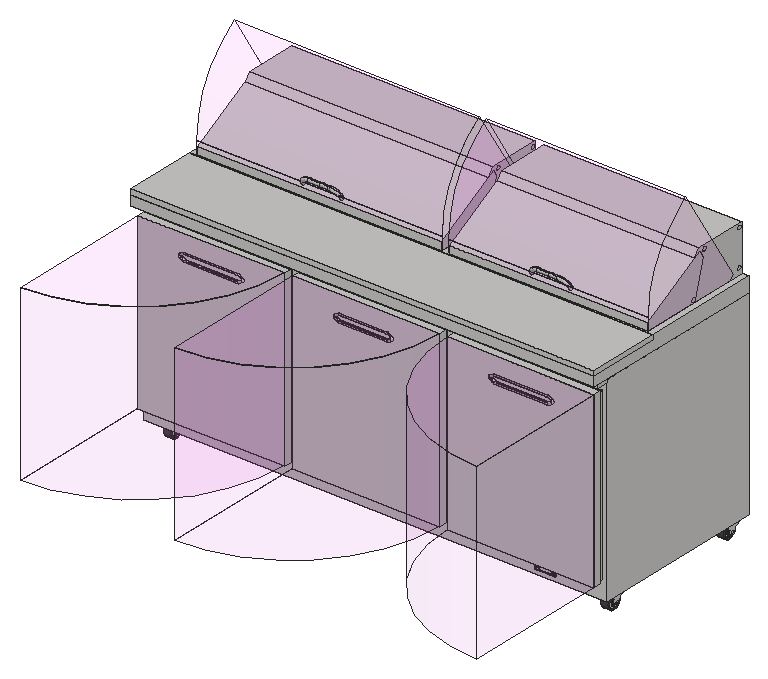
Revit family "QF_Kelvinator_738258_KCHST70.18", category Specialty Equipment, Revit 2021
Family settings
  Round Connector Dimension = Use Diameter
  Part Type = Normal
  Work Plane-Based = No
  Always vertical = Yes
  Cut with Voids When Loaded = No
  Shared = No
  Room Calculation Point = No
Parameters
  Weight in Pounds = 286.601
  Weight = 130.00 lbm
  Watts = 0 W
  Volts = 115 V
  URL Manufacturer = "KELVINATOR"
  URL Cutsheet = ""
  URL = "KELVINATOR"
  Specification by User = ""
  Specification by Manufacturer = ""
  Serial Number = ""
  Seismic Rating = ""
  SMACNA No = ""
  Revision Code = ""
  Refrigerant Type = "R290"
  Phase = 1
  Number of Poles = 1
  NAFEM Spec ID Number = ""
  Model = "KCHST70.18"
  Min Ckt Ampacity = 0 A
  Max Overcurrent Protection = 0 A
  Masterspec = ""
  Manufacturer = "Kelvinator"
  Length Actual = 1822"
  Length = 71 3/4"
  Item Number = "738258"
  Installed By = ""
  Identify Quantity as Lot = yes
  Height Actual = 1100"
  Height = 43 5/16"
  HP = "1 HP"
  Gas KW = 0
  Furnished By = ""
  Foodservice Equipment Identifier = yes
  FL Amps = 4.3 A
  Electrical Remarks = ""
  Electric Connection Type = ""
  Elec Conn RI Height = 0"
  Elec Conn Connection Height = 0"
  Description = "3-DOOR SANDWICH/SALAD PREP TABLE 70\" LONG 18-1/6 PAN"
  Depth Actual = 760"
  Depth = 29 15/16"
  Default Elevation = 0"
  Cycle = 60 Hz
  Conn Plug = "5-15P"
  Conn Conduit = yes
  CSI MasterFormat = ""
  Apparent Power = 0 VA
  Accessory = no
Reference planes (in)
  plane 1 "BACK": y = 0
  plane 2: z = 0
  plane 3 "LEFT": x = 0
  plane 4 "RIGHT": x = 71.75
  plane 5 "FRONT": y = -29.9375
  plane 6 "TOP": z = 43.3125
  plane 7 "Center Y": x = 35.875
  plane 8 "Center X": y = -14.96875
Dimensions and locks (in)
  equal spacing: plane 3 "LEFT", plane 7 "Center Y", plane 4 "RIGHT"
  "Length": plane 3 "LEFT" to plane 4 "RIGHT"
  equal spacing: plane 5 "FRONT", plane 8 "Center X", plane 1 "BACK"
  "Depth": plane 5 "FRONT" to plane 1 "BACK"
  "Height": plane 6 "TOP" to level
  aligned and locked: level to plane 2
Nested families (in)
  nested 1: "KCHST" at (0, 0, 0), type "KCHST"
    with Show Clearance yes
Connectors (in)
  electrical at (35.857, -0.87772, 2.31881), driven by "Volts", driven by "Watts"
    settings: on nested 1, index 1, voltage 115 V, apparent load 0 VA, apparent load phase1 0 VA, apparent load phase2 0 VA, apparent load phase3 0 VA, power factor 1, load classification "Power", number of poles 1, system type 30, power factor state 1, is connector primary yes, connector utility no, sub classification motor no, connector description "Electrical Connection"
Definition of nested family "KCHST"
  Parameters (values of type "KCHST")
    Weight in Pounds = 0
    URL Cutsheet = ""
    Specification by User = ""
    Specification by Manufacturer = ""
    Show Clearance [instance] = yes
    Serial Number = ""
    Seismic Rating = ""
    SMACNA No = ""
    Revision Code = ""
    NAFEM Spec ID Number = ""
    Masterspec = ""
    Length = 71.732"
    Item Number = ""
    Installed By = ""
    Identify Quantity as Lot = yes
    Height = 43 5/16"
    Furnished By = ""
    Foodservice Equipment Identifier = yes
    Depth = 29.921"
    Default Elevation = 0"
    CSI MasterFormat = ""
  Reference planes (in)
    plane 1 "BACK": y = 0
    plane 2: z = 0
    plane 3 "LEFT": x = 0
    plane 4 "RIGHT": x = 71.732
    plane 5 "FRONT": y = -29.921
    plane 6 "TOP": z = 43.3125
    plane 7 "Center Y": x = 35.866
    plane 8 "Center X": y = -14.9605
    plane 9: z = 3.1
    plane 10: z = 33.9
    plane 11: y = -18.5
    plane 12: z = 36.2
    plane 13: y = -55.93472
    plane 14: y = -29.2
    plane 15: z = 32.4
    plane 16: z = 5.6
    plane 17: y = -27.5
    plane 18: x = 69.732
    plane 19: x = 2
    plane 20: x = 59.87895
    plane 21: x = 38.8
    plane 22: x = 1
    plane 23: x = 0.5
    plane 24: x = 71.232
    plane 25: x = 11.87105
    plane 26: x = 35.87895
    plane 27: x = 70.75
    plane 28: x = 40.12
    plane 29: x = 70.68
    plane 30: x = 55.4
    plane 31: x = 40.05
    plane 32: x = 1.07
    plane 33: x = 38.73
    plane 34: x = 0.875
    plane 35: x = 38.925
    plane 36: x = 39.925
    plane 37: x = 70.875
  Forms (in)
    Extrusion 1, solid
      sketch origin (0, 0, 0) x (0, 1, 0) y (0, 0, 1)
        loop
          line (-27.5, 33.9) -> (-27.5, 3.1) -> (0, 3.1) -> (0, 33.9) -> (-27.5, 33.9)
      from 0 to 71.732
    Extrusion 2, solid
      sketch origin (0, 0, 0) x (0, 1, 0) y (0, 0, 1)
        loop
          line (-18.5, 36.2) -> (-18.5, 35.45) -> (-29.921, 35.45) -> (-29.921, 33.9) -> (0, 33.9) -> (0, 36.2) -> (-18.5, 36.2)
      from 0 to 71.732
    Extrusion 3, solid
      sketch origin (0, 0, 0) x (0, 1, 0) y (0, 0, 1)
        loop
          line (-29.921, 36.2) -> (-29.921, 35.45) -> (-18.5, 35.45) -> (-18.5, 36.2) -> (-29.921, 36.2)
      from 0 to 71.732
    Extrusion 4, solid
      sketch origin (0, 0, 0) x (0, 1, 0) y (0, 0, 1)
        loop
          line (-29.2, 33.9) -> (-29.2, 33.4) -> (-27.5, 33.4) -> (-27.5, 33.9) -> (-29.2, 33.9)
      from 0 to 71.732
    Extrusion 5, solid
      sketch origin (-5.72957, -27.5, -4.77927) x (-1, 0, 0) y (0, 0, 1)
        loop
          line (-66.49177, 9.70772) -> (-69.64138, 9.70772) -> (-69.64138, 8.52662) -> (-66.49177, 8.52662) -> (-66.49177, 9.70772)
        loop
          line (-66.57052, 9.63107) -> (-66.96422, 9.63107) -> (-66.96422, 9.31193) -> (-66.57052, 9.31193) -> (-66.57052, 9.63107)
        loop
          line (-66.57052, 9.27674) -> (-66.96422, 9.27674) -> (-66.96422, 8.9576) -> (-66.57052, 8.9576) -> (-66.57052, 9.27674)
        loop
          line (-66.57052, 8.92241) -> (-66.96422, 8.92241) -> (-66.96422, 8.60327) -> (-66.57052, 8.60327) -> (-66.57052, 8.92241)
        loop
          line (-69.56264, 9.63107) -> (-69.56264, 9.31193) -> (-69.16894, 9.31193) -> (-69.16894, 9.63107) -> (-69.56264, 9.63107)
        loop
          line (-69.56264, 9.27674) -> (-69.56264, 8.9576) -> (-69.16894, 8.9576) -> (-69.16894, 9.27674) -> (-69.56264, 9.27674)
        loop
          line (-69.56264, 8.92241) -> (-69.56264, 8.60327) -> (-69.16894, 8.60327) -> (-69.16894, 8.92241) -> (-69.56264, 8.92241)
        loop
          line (-67.0417, 9.63107) -> (-69.09146, 9.63107) -> (-69.09146, 8.60716) -> (-67.0417, 8.60716) -> (-67.0417, 9.63107)
      from 0.07874 to -0.04602
    Extrusion 6, solid
      sketch origin (-5.72957, -27.54602, -4.77927) x (1, 0, 0) y (0, 0, 1)
        loop
          line (69.16894, 9.63107) -> (69.16894, 9.31193) -> (69.56264, 9.31193) -> (69.56264, 9.63107) -> (69.16894, 9.63107)
        loop
          line (69.16894, 9.27674) -> (69.16894, 8.9576) -> (69.56264, 8.9576) -> (69.56264, 9.27674) -> (69.16894, 9.27674)
        loop
          line (69.16894, 8.92241) -> (69.16894, 8.60327) -> (69.56264, 8.60327) -> (69.56264, 8.92241) -> (69.16894, 8.92241)
        loop
          line (66.96422, 9.63107) -> (66.57052, 9.63107) -> (66.57052, 9.31193) -> (66.96422, 9.31193) -> (66.96422, 9.63107)
        loop
          line (66.96422, 9.27674) -> (66.57052, 9.27674) -> (66.57052, 8.9576) -> (66.96422, 8.9576) -> (66.96422, 9.27674)
        loop
          line (66.96422, 8.92241) -> (66.57052, 8.92241) -> (66.57052, 8.60327) -> (66.96422, 8.60327) -> (66.96422, 8.92241)
      from 0 to -0.07874
    Extrusion 7, solid
      sketch origin (-5.72957, -27.54602, -4.77927) x (1, 0, 0) y (0, 0, 1)
        loop
          line (67.0417, 9.63107) -> (67.0417, 8.60716) -> (69.09146, 8.60716) -> (69.09146, 9.63107) -> (67.0417, 9.63107)
      from 0 to -0.07874
    Extrusion 8, void
      sketch origin (-5.72957, -27.5, -4.77927) x (-1, 0, 0) y (0, 0, 1)
        loop
          line (-66.49177, 9.70772) -> (-69.64138, 9.70772) -> (-69.64138, 8.52662) -> (-66.49177, 8.52662) -> (-66.49177, 9.70772)
      from 0 to 0.07874
    Extrusion 9, solid
      sketch origin (-21.40625, -3.56521, 3.1) x (-1, 0, 0) y (0, 1, 0)
        loop
          circle (-57.26325, 2.68749) r 0.25
      from 0 to 0.78119
    Extrusion 10, solid
      sketch origin (35.866, 6.90541, 48) x (0, 1, 0) y (0, 0, -1)
        loop
          line (-36.10541, 15.6) -> (-34.95211, 15.6) -> (-34.95211, 42.4) -> (-36.10541, 42.4) -> (-36.10541, 15.6)
      from -12.625 to -35.366
    Extrusion 11, solid
      sketch origin (48.25, 0, 0) x (0, 1, 0) y (0, 0, -1)
        loop
          line (-28.04671, -32.20449) -> (-27.79671, -32.20449) -> (-27.79671, -5.81322) -> (-28.04671, -5.81322) -> (-28.04671, -32.20449)
      from -22.7579 to -0.5
    Extrusion 12, solid
      sketch origin (48.25, 0.25, 0) x (0, 1, 0) y (0, 0, -1)
        loop
          line (-28.04671, -32.20449) -> (-27.864, -32.20449) -> (-27.864, -5.81322) -> (-28.04671, -5.81322) -> (-28.04671, -32.20449)
      from -22.7579 to -0.5
    Extrusion 13, solid
      sketch origin (48.25, 0.4327, 0) x (0, 1, 0) y (0, 0, -1)
        loop
          line (-28.04671, -32.20449) -> (-27.9327, -32.20449) -> (-27.9327, -5.81322) -> (-28.04671, -5.81322) -> (-28.04671, -32.20449)
      from -22.7579 to -0.5
    Extrusion 14, void
      sketch origin (85.65318, -29.19996, 31.5181) x (0, 0, 1) y (1, 0, 0)
        loop
          line (-1.94791, -21.59923) -> (-2.28462, -21.06051)
          arc (-2.28462, -21.06051) -> (-2.38541, -21.00464) -> (-2.48621, -21.06051) r 0.11887
          line (-2.48621, -21.06051) -> (-2.82291, -21.59923) -> (-2.82291, -29.94923) -> (-2.48479, -30.49023)
          arc (-2.48479, -30.49023) -> (-2.38541, -30.54531) -> (-2.28604, -30.49023) r 0.11719
          line (-2.28604, -30.49023) -> (-1.94791, -29.94923) -> (-1.94791, -21.59923)
      from 0 to 0.31887
    Sweep 15, solid
      path origin (85.65318, -26.39996, 31.5181) x (0, 0, -1) y (1, 0, 0)
        loop
          line (2.82291, -29.94923) -> (2.82291, -21.59923) -> (2.48621, -21.06051)
          arc (2.48621, -21.06051) -> (2.38541, -21.00464) -> (2.28462, -21.06051) r 0.11887
          line (2.28462, -21.06051) -> (1.94791, -21.59923) -> (1.94791, -29.94923) -> (2.28604, -30.49023)
          arc (2.28604, -30.49023) -> (2.38541, -30.54531) -> (2.48479, -30.49023) r 0.11719
          line (2.48479, -30.49023) -> (2.82291, -29.94923)
      profile origin (59.87895, -26.39996, 28.69519) x (0, 0, 1) y (0, -1, 0)
        loop
          arc (0, 2.8) -> (-0.125, 2.85269) -> (-0.25, 2.8) r 0.17461
          line (-0.25, 2.8) -> (0, 2.8)
    Extrusion 16, solid
      sketch origin (35.866, 6.90541, 48) x (0, 1, 0) y (0, 0, 1)
        loop
          line (-36.10541, -15.6) -> (-36.10541, -42.4) -> (-34.95211, -42.4) -> (-34.95211, -15.6) -> (-36.10541, -15.6)
      from -12.625 to -35.375
    Extrusion 17, solid
      sketch origin (23.5, 0, 0) x (0, 1, 0) y (0, 0, 1)
        loop
          line (-28.04671, 32.20449) -> (-28.04671, 5.81322) -> (-27.79671, 5.81322) -> (-27.79671, 32.20449) -> (-28.04671, 32.20449)
      from -22.7579 to -0.5
    Extrusion 18, solid
      sketch origin (23.5, 0.25, 0) x (0, 1, 0) y (0, 0, 1)
        loop
          line (-28.04671, 32.20449) -> (-28.04671, 5.81322) -> (-27.864, 5.81322) -> (-27.864, 32.20449) -> (-28.04671, 32.20449)
      from -22.7579 to -0.5
    Extrusion 19, solid
      sketch origin (23.5, 0.4327, 0) x (0, 1, 0) y (0, 0, 1)
        loop
          line (-28.04671, 32.20449) -> (-28.04671, 5.81322) -> (-27.9327, 5.81322) -> (-27.9327, 32.20449) -> (-28.04671, 32.20449)
      from -22.7579 to -0.5
    Extrusion 20, void
      sketch origin (-13.90318, -29.19996, 31.5181) x (0, 0, 1) y (1, 0, 0)
        loop
          line (-1.94791, 21.59923) -> (-1.94791, 29.94923) -> (-2.28604, 30.49023)
          arc (-2.28604, 30.49023) -> (-2.38541, 30.54531) -> (-2.48479, 30.49023) r 0.11719
          line (-2.48479, 30.49023) -> (-2.82291, 29.94923) -> (-2.82291, 21.59923) -> (-2.48621, 21.06051)
          arc (-2.48621, 21.06051) -> (-2.38541, 21.00464) -> (-2.28462, 21.06051) r 0.11887
          line (-2.28462, 21.06051) -> (-1.94791, 21.59923)
      from 0 to 0.31887
    Sweep 21, solid
      path origin (-13.90318, -26.39996, 31.5181) x (0, 0, -1) y (1, 0, 0)
        loop
          line (2.82291, 29.94923) -> (2.48479, 30.49023)
          arc (2.48479, 30.49023) -> (2.38541, 30.54531) -> (2.28604, 30.49023) r 0.11719
          line (2.28604, 30.49023) -> (1.94791, 29.94923) -> (1.94791, 21.59923) -> (2.28462, 21.06051)
          arc (2.28462, 21.06051) -> (2.38541, 21.00464) -> (2.48621, 21.06051) r 0.11887
          line (2.48621, 21.06051) -> (2.82291, 21.59923) -> (2.82291, 29.94923)
      profile origin (11.87105, -26.39996, 28.69519) x (0, 0, -1) y (0, -1, 0)
        loop
          line (0, 2.8) -> (0.25, 2.8)
          arc (0.25, 2.8) -> (0.125, 2.85269) -> (0, 2.8) r 0.17461
    Extrusion 22, solid
      sketch origin (11.875, 6.90541, 48) x (0, 1, 0) y (0, 0, -1)
        loop
          line (-36.10541, 15.6) -> (-34.95211, 15.6) -> (-34.95211, 42.4) -> (-36.10541, 42.4) -> (-36.10541, 15.6)
      from -12.625 to -35.375
    Extrusion 23, solid
      sketch origin (24.25, 0, 0) x (0, 1, 0) y (0, 0, -1)
        loop
          line (-28.04671, -32.20449) -> (-27.79671, -32.20449) -> (-27.79671, -5.81322) -> (-28.04671, -5.81322) -> (-28.04671, -32.20449)
      from -22.7579 to -0.5
    Extrusion 24, solid
      sketch origin (24.25, 0.25, 0) x (0, 1, 0) y (0, 0, -1)
        loop
          line (-28.04671, -32.20449) -> (-27.864, -32.20449) -> (-27.864, -5.81322) -> (-28.04671, -5.81322) -> (-28.04671, -32.20449)
      from -22.7579 to -0.5
    Extrusion 25, solid
      sketch origin (24.25, 0.4327, 0) x (0, 1, 0) y (0, 0, -1)
        loop
          line (-28.04671, -32.20449) -> (-27.9327, -32.20449) -> (-27.9327, -5.81322) -> (-28.04671, -5.81322) -> (-28.04671, -32.20449)
      from -22.7579 to -0.5
    Extrusion 26, void
      sketch origin (61.65318, -29.19996, 31.5181) x (0, 0, 1) y (1, 0, 0)
        loop
          line (-1.94791, -22.47423) -> (-2.28462, -21.93551)
          arc (-2.28462, -21.93551) -> (-2.38541, -21.87964) -> (-2.48621, -21.93551) r 0.11887
          line (-2.48621, -21.93551) -> (-2.82291, -22.47423) -> (-2.82291, -29.95823) -> (-2.48479, -30.49923)
          arc (-2.48479, -30.49923) -> (-2.38541, -30.55431) -> (-2.28604, -30.49923) r 0.11719
          line (-2.28604, -30.49923) -> (-1.94791, -29.95823) -> (-1.94791, -22.47423)
      from 0 to 0.31887
    Sweep 27, solid
      path origin (61.65318, -26.39996, 31.5181) x (0, 0, -1) y (1, 0, 0)
        loop
          line (2.82291, -29.95823) -> (2.82291, -22.47423) -> (2.48621, -21.93551)
          arc (2.48621, -21.93551) -> (2.38541, -21.87964) -> (2.28462, -21.93551) r 0.11887
          line (2.28462, -21.93551) -> (1.94791, -22.47423) -> (1.94791, -29.95823) -> (2.28604, -30.49923)
          arc (2.28604, -30.49923) -> (2.38541, -30.55431) -> (2.48479, -30.49923) r 0.11719
          line (2.48479, -30.49923) -> (2.82291, -29.95823)
      profile origin (35.43695, -26.39996, 28.69519) x (0, 0, 1) y (0, -1, 0)
        loop
          arc (0, 2.8) -> (-0.125, 2.85269) -> (-0.25, 2.8) r 0.17461
          line (-0.25, 2.8) -> (0, 2.8)
    Extrusion 28, solid
      sketch origin (31.075, 0, 0) x (0, 1, 0) y (0, 0, 1)
        loop
          line (-18.25, 36.2) -> (-9.64835, 36.2003)
          arc (-9.64835, 36.2003) -> (-9.30801, 36.30019) -> (-9.06407, 36.55768) r 0.68096
          line (-9.06407, 36.55768) -> (-7.6646, 41.90557) -> (-8.09711, 42.719) -> (-18.25, 37.32061) -> (-18.25, 36.2)
      from 8.975 to 39.675
    Extrusion 29, solid
      sketch origin (31.075, 0, 0) x (0, 1, 0) y (0, 0, 1)
        loop
          line (-9.64834, 36.2) -> (0, 36.2) -> (0, 43.3125) -> (-8.24175, 43.3125) -> (-8.9896, 42.24445) -> (-8.09711, 42.719) -> (-7.6646, 41.90557) -> (-9.06407, 36.55768)
          arc (-9.06407, 36.55768) -> (-9.30801, 36.30019) -> (-9.64834, 36.2) r 0.68096
      from 9.045 to 39.605
    Extrusion 30, solid
      sketch origin (70.75, 0, 0) x (0, 1, 0) y (0, 0, 1)
        loop
          circle (-9.51178, 36.72547) r 0.25
      from 0 to 0.07437
    Extrusion 31, solid
      sketch origin (70.68, -0.03482, 0) x (0, 1, 0) y (0, 0, 1)
        loop
          circle (-0.51178, 37.22547) r 0.25
      from 0 to 0.07
    Extrusion 32, solid
      sketch origin (70.68, -0.03482, 0) x (0, 1, 0) y (0, 0, 1)
        loop
          circle (-0.51178, 42.85047) r 0.25
      from 0 to 0.07
    Extrusion 33, solid
      sketch origin (70.68, -0.03482, 0) x (0, 1, 0) y (0, 0, 1)
        loop
          circle (-7.26178, 42.85047) r 0.25
      from 0 to 0.07
    Extrusion 34, solid
      sketch origin (40.05, 0, 0) x (0, -1, 0) y (0, 0, 1)
        loop
          circle (9.51178, 36.72547) r 0.25
      from 0 to 0.07437
    Extrusion 35, solid
      sketch origin (40.12, 0, 0) x (0, -1, 0) y (0, 0, 1)
        loop
          circle (0.5466, 37.22547) r 0.25
      from 0 to 0.07
    Extrusion 36, solid
      sketch origin (40.12, 0, 0) x (0, -1, 0) y (0, 0, 1)
        loop
          circle (0.5466, 42.85047) r 0.25
      from 0 to 0.07
    Extrusion 37, solid
      sketch origin (40.12, 0, 0) x (0, -1, 0) y (0, 0, 1)
        loop
          circle (7.2966, 42.85047) r 0.25
      from 0 to 0.07
    Sweep 38, solid
      path origin (15.975, 15.38088, 12.95025) x (1, 0, 0) y (0, -0.469472, 0.882948)
        loop
          line (37.1125, 37.02813) -> (37.1125, 37.18438)
          arc (37.1125, 37.18438) -> (37.33217, 37.71471) -> (37.8625, 37.93438) r 0.75
          line (37.8625, 37.93438) -> (39.7375, 37.93438) -> (40.9875, 37.93438)
          arc (40.9875, 37.93438) -> (41.51783, 37.71471) -> (41.7375, 37.18438) r 0.75
          line (41.7375, 37.18438) -> (41.7375, 37.02813)
      profile origin (56.3375, -2.42823, 46.44432) x (0, -0.469472, 0.882948) y (0, -0.882948, -0.469472)
        loop
          circle (0.69146, 17.59878) r 0.25
    Extrusion 39, solid
      sketch origin (-0.875, 0, 0) x (0, 1, 0) y (0, 0, 1)
        loop
          line (-18.25, 36.2) -> (-9.64835, 36.2003)
          arc (-9.64835, 36.2003) -> (-9.30801, 36.30019) -> (-9.06407, 36.55768) r 0.68096
          line (-9.06407, 36.55768) -> (-7.6646, 41.90557) -> (-8.09711, 42.719) -> (-18.25, 37.32061) -> (-18.25, 36.2)
      from 1.875 to 39.675
    Extrusion 40, solid
      sketch origin (-0.875, 0, 0) x (0, 1, 0) y (0, 0, 1)
        loop
          line (-9.64834, 36.2) -> (0, 36.2) -> (0, 43.3125) -> (-8.24175, 43.3125) -> (-8.9896, 42.24445) -> (-8.09711, 42.719) -> (-7.6646, 41.90557) -> (-9.06407, 36.55768)
          arc (-9.06407, 36.55768) -> (-9.30801, 36.30019) -> (-9.64834, 36.2) r 0.68096
      from 1.945 to 39.605
    Extrusion 41, solid
      sketch origin (38.8, 0, 0) x (0, 1, 0) y (0, 0, 1)
        loop
          circle (-9.51178, 36.72547) r 0.25
      from 0 to 0.07437
    Extrusion 42, solid
      sketch origin (38.73, -0.03482, 0) x (0, 1, 0) y (0, 0, 1)
        loop
          circle (-0.51178, 37.22547) r 0.25
      from 0 to 0.07
    Extrusion 43, solid
      sketch origin (38.73, -0.03482, 0) x (0, 1, 0) y (0, 0, 1)
        loop
          circle (-0.51178, 42.85047) r 0.25
      from 0 to 0.07
    Extrusion 44, solid
      sketch origin (38.73, -0.03482, 0) x (0, 1, 0) y (0, 0, 1)
        loop
          circle (-7.26178, 42.85047) r 0.25
      from 0 to 0.07
    Extrusion 45, solid
      sketch origin (1, 0, 0) x (0, -1, 0) y (0, 0, 1)
        loop
          circle (9.51178, 36.72547) r 0.25
      from 0 to 0.07437
    Extrusion 46, solid
      sketch origin (1.07, 0, 0) x (0, -1, 0) y (0, 0, 1)
        loop
          circle (0.5466, 37.22547) r 0.25
      from 0 to 0.07
    Extrusion 47, solid
      sketch origin (1.07, 0, 0) x (0, -1, 0) y (0, 0, 1)
        loop
          circle (0.5466, 42.85047) r 0.25
      from 0 to 0.07
    Extrusion 48, solid
      sketch origin (1.07, 0, 0) x (0, -1, 0) y (0, 0, 1)
        loop
          circle (7.2966, 42.85047) r 0.25
      from 0 to 0.07
    Sweep 49, solid
      path origin (-15.975, 15.38088, 12.95025) x (1, 0, 0) y (0, -0.469472, 0.882948)
        loop
          line (33.5625, 37.02813) -> (33.5625, 37.18438)
          arc (33.5625, 37.18438) -> (33.78217, 37.71471) -> (34.3125, 37.93438) r 0.75
          line (34.3125, 37.93438) -> (36.1875, 37.93438) -> (37.4375, 37.93438)
          arc (37.4375, 37.93438) -> (37.96783, 37.71471) -> (38.1875, 37.18438) r 0.75
          line (38.1875, 37.18438) -> (38.1875, 37.02813)
      profile origin (20.8375, -2.42823, 46.44432) x (0, -0.469472, 0.882948) y (0, -0.882948, -0.469472)
        loop
          circle (0.69146, 17.59878) r 0.25
    Extrusion 50, solid
      sketch origin (1, -0.00825, 0) x (0, 1, 0) y (0, 0, -1)
        loop
          circle (-9.50353, -36.72547) r 0.25
      from 0 to 0.07437
    Extrusion 51, solid
      sketch origin (1.07, -0.03482, 0) x (0, 1, 0) y (0, 0, -1)
        loop
          circle (-0.51178, -37.22547) r 0.25
      from 0 to 0.07
    Extrusion 52, solid
      sketch origin (1.07, -0.03482, 0) x (0, 1, 0) y (0, 0, -1)
        loop
          circle (-0.51178, -42.85047) r 0.25
      from 0 to 0.07
    Extrusion 53, solid
      sketch origin (1.07, -0.03482, 0) x (0, 1, 0) y (0, 0, -1)
        loop
          circle (-7.26178, -42.85047) r 0.25
      from 0 to 0.07
    Extrusion 54, solid, visible <- "Show Clearance"
      sketch origin (0, 9.61225, 5.6) x (1, 0, 0) y (0, -1, 0)
        loop
          arc (23.25, 38.81225) -> (16.58668, 54.89893) -> (0.5, 61.56225) r 22.75
          line (0.5, 61.56225) -> (0.5, 38.81225) -> (23.25, 38.81225)
        loop
          line (48.5079, 38.81225) -> (71.2399, 38.81225) -> (71.2399, 61.54425)
          arc (71.2399, 61.54425) -> (55.16595, 54.8862) -> (48.5079, 38.81225) r 22.732
        loop
          arc (47.25, 38.81225) -> (40.58668, 54.89893) -> (24.5, 61.56225) r 22.75
          line (24.5, 61.56225) -> (24.5, 38.81225) -> (47.25, 38.81225)
      from 0 to -26.8
    Extrusion 55, solid, visible <- "Show Clearance"
      sketch origin (1, 0, 0) x (0, -1, 0) y (0, 0, 1)
        loop
          line (2.42198, 36.2) -> (18.25, 36.2) -> (18.25, 38.08871)
          arc (18.25, 38.08871) -> (16.30726, 45.77958) -> (10.94515, 51.62523) r 16.19461
          line (10.94515, 51.62523) -> (1.74821, 36.8283) -> (2.42198, 36.2)
      from 0.125 to -37.925
    Extrusion 56, solid, visible <- "Show Clearance"
      sketch origin (40.05, 0, 0) x (0, -1, 0) y (0, 0, 1)
        loop
          line (2.42198, 36.2) -> (18.25, 36.2) -> (18.25, 38.08871)
          arc (18.25, 38.08871) -> (16.30726, 45.77958) -> (10.94515, 51.62523) r 16.19461
          line (10.94515, 51.62523) -> (1.74821, 36.8283) -> (2.42198, 36.2)
      from 0.125 to -30.825
  Cuts and joins
    Extrusion 8 cuts Extrusion 5
    Extrusion 14, Extrusion 20, Extrusion 26 cuts Extrusion 10
    Extrusion 20 cuts Extrusion 16
    Extrusion 26 cuts Extrusion 22
    joined: Extrusion 28, Sweep 38
  Lines and regions (in)
    symbolic lines
      curve 1: line (71.75, -29.9375, 0) -> (71.75, 0, 0)
      curve 2: line (71.75, 0, 0) -> (0, 0, 0)
      curve 3: line (0, 0, 0) -> (0, -29.9375, 0)
      curve 4: line (0, -18.5, 0) -> (17.81957, -18.5, 0)
      curve 5: line (0, -29.9375, 0) -> (71.75, -29.9375, 0)
      curve 6: line (0, -18.25, 0) -> (17.0896, -18.25, 0)
      curve 7: line (1.07, -8.99785, 0) -> (38.73, -8.99785, 0)
      curve 8: line (1.07, -8.25, 0) -> (38.73, -8.25, 0)
      curve 9: line (38.73, -8.99785, 0) -> (38.73, 0, 0)
      curve 10: line (38.8, -9.26178, 0) -> (38.87437, -9.26178, 0)
      curve 11: line (38.8, -9.76178, 0) -> (38.87437, -9.76178, 0)
      curve 12: line (38.8, -7.67285, 0) -> (38.73, -7.67285, 0)
      curve 13: line (38.8, -8.10536, 0) -> (38.73, -8.10536, 0)
      curve 14: line (38.8, -7.51178, 0) -> (38.73, -7.51178, 0)
      curve 15: line (38.8, -7.01178, 0) -> (38.73, -7.01178, 0)
      curve 16: line (38.8, -0.76178, 0) -> (38.73, -0.76178, 0)
      curve 17: line (38.8, -0.26178, 0) -> (38.73, -0.26178, 0)
      curve 18: spline (16.65229, -17.62226, 0) -> (16.66081, -17.56513, 0) -> (16.68578, -17.51189, 0) -> (16.72551, -17.46617, 0) -> (16.77729, -17.43109, 0) -> (16.83759, -17.40904, 0) -> (16.90229, -17.40152, 0) -> (16.967, -17.40904, 0) -> (17.02729, -17.43109, 0) -> (17.07907, -17.46617, 0) -> (17.1188, -17.51189, 0) -> (17.14377, -17.56513, 0) -> (17.15229, -17.62226, 0)
      curve 19: spline (22.66021, -17.62226, 0) -> (22.66873, -17.56513, 0) -> (22.6937, -17.51189, 0) -> (22.73343, -17.46617, 0) -> (22.78521, -17.43109, 0) -> (22.8455, -17.40904, 0) -> (22.91021, -17.40152, 0) -> (22.97491, -17.40904, 0) -> (23.03521, -17.43109, 0) -> (23.08699, -17.46617, 0) -> (23.12672, -17.51189, 0) -> (23.15169, -17.56513, 0) -> (23.16021, -17.62226, 0)
      curve 20: line (19.90625, -18.0415, 0) -> (21.5246, -18.0415, 0)
      curve 21: line (19.90625, -18.53489, 0) -> (21.65625, -18.53489, 0)
      curve 22: line (23.16021, -17.62226, 0) -> (23.16021, -17.65335, 0)
      curve 23: line (22.66021, -17.62226, 0) -> (22.66021, -17.65335, 0)
      curve 24: arc (22.66021, -17.65335, 0) -> (22.42671, -17.84879, 0) -> (22.14071, -17.95329, 0) r 0.88295
      curve 25: arc (23.16021, -17.65335, 0) -> (23.10291, -17.868, 0) -> (22.97532, -18.04986, 0) r 0.63628
      curve 26: arc (22.14071, -17.95329, 0) -> (21.83579, -18.01934, 0) -> (21.5246, -18.0415, 0) r 2.19561
      curve 27: arc (22.97532, -18.04986, 0) -> (22.72439, -18.24907, 0) -> (22.43535, -18.38727, 0) r 1.4269
      curve 28: arc (22.43535, -18.38727, 0) -> (22.05121, -18.48961, 0) -> (21.65625, -18.53489, 0) r 2.72085
      curve 29: line (19.90625, -18.0415, 0) -> (18.2879, -18.0415, 0)
      curve 30: line (19.90625, -18.53489, 0) -> (18.15625, -18.53489, 0)
      curve 31: line (16.65229, -17.62226, 0) -> (16.65229, -17.65335, 0)
      curve 32: line (17.15229, -17.62226, 0) -> (17.15229, -17.65335, 0)
      curve 33: arc (17.15229, -17.65335, 0) -> (17.38579, -17.84879, 0) -> (17.67179, -17.95329, 0) r 0.88295
      curve 34: arc (16.65229, -17.65335, 0) -> (16.70959, -17.868, 0) -> (16.83718, -18.04986, 0) r 0.63628
      curve 35: arc (17.67179, -17.95329, 0) -> (17.97671, -18.01934, 0) -> (18.2879, -18.0415, 0) r 2.19561
      curve 36: arc (16.83718, -18.04986, 0) -> (17.08811, -18.24907, 0) -> (17.37715, -18.38727, 0) r 1.4269
      curve 37: arc (17.37715, -18.38727, 0) -> (17.76129, -18.48961, 0) -> (18.15625, -18.53489, 0) r 2.72085
      curve 38: line (22.7229, -18.25, 0) -> (52.58335, -18.25, 0)
      curve 39: line (21.99293, -18.5, 0) -> (53.31332, -18.5, 0)
      curve 40: line (38.8, -7.01178, 0) -> (38.8, -7.51178, 0)
      curve 41: line (38.8, -7.67285, 0) -> (38.8, -18.25, 0)
      curve 42: line (38.87437, -9.26178, 0) -> (38.87437, -9.76178, 0)
      curve 43: line (38.8, -0.76178, 0) -> (38.8, -0.26178, 0)
      curve 44: line (1.07, -8.99785, 0) -> (1.07, 0, 0)
      curve 45: line (1, -9.26178, 0) -> (0.92563, -9.26178, 0)
      curve 46: line (1, -9.76178, 0) -> (0.92563, -9.76178, 0)
      curve 47: line (1, -7.67285, 0) -> (1.07, -7.67285, 0)
      curve 48: line (1, -8.10536, 0) -> (1.07, -8.10536, 0)
      curve 49: line (1, -7.5466, 0) -> (1.07, -7.5466, 0)
      curve 50: line (1, -7.01178, 0) -> (1.07, -7.01178, 0)
      curve 51: line (1, -0.7966, 0) -> (1.07, -0.7966, 0)
      curve 52: line (1, -0.26178, 0) -> (1.07, -0.26178, 0)
      curve 53: line (1, -7.0466, 0) -> (1, -7.5466, 0)
      curve 54: line (1, -7.67285, 0) -> (1, -18.25, 0)
      curve 55: line (0.92563, -9.26178, 0) -> (0.92563, -9.76178, 0)
      curve 56: line (1, -0.76178, 0) -> (1, -0.26178, 0)
      curve 57: spline (52.14604, -17.62226, 0) -> (52.15456, -17.56513, 0) -> (52.17953, -17.51189, 0) -> (52.21926, -17.46617, 0) -> (52.27104, -17.43109, 0) -> (52.33134, -17.40904, 0) -> (52.39604, -17.40152, 0) -> (52.46075, -17.40904, 0) -> (52.52104, -17.43109, 0) -> (52.57282, -17.46617, 0) -> (52.61255, -17.51189, 0) -> (52.63752, -17.56513, 0) -> (52.64604, -17.62226, 0)
      curve 58: spline (58.15396, -17.62226, 0) -> (58.16248, -17.56513, 0) -> (58.18745, -17.51189, 0) -> (58.22718, -17.46617, 0) -> (58.27896, -17.43109, 0) -> (58.33925, -17.40904, 0) -> (58.40396, -17.40152, 0) -> (58.46866, -17.40904, 0) -> (58.52896, -17.43109, 0) -> (58.58074, -17.46617, 0) -> (58.62047, -17.51189, 0) -> (58.64544, -17.56513, 0) -> (58.65396, -17.62226, 0)
      curve 59: line (55.4, -18.0415, 0) -> (57.01835, -18.0415, 0)
      curve 60: line (55.4, -18.53489, 0) -> (57.15, -18.53489, 0)
      curve 61: line (58.65396, -17.62226, 0) -> (58.65396, -17.65335, 0)
      curve 62: line (58.15396, -17.62226, 0) -> (58.15396, -17.65335, 0)
      curve 63: arc (58.15396, -17.65335, 0) -> (57.92046, -17.84879, 0) -> (57.63446, -17.95329, 0) r 0.88295
      curve 64: arc (58.65396, -17.65335, 0) -> (58.59666, -17.868, 0) -> (58.46907, -18.04986, 0) r 0.63628
      curve 65: arc (57.63446, -17.95329, 0) -> (57.32954, -18.01934, 0) -> (57.01835, -18.0415, 0) r 2.19561
      curve 66: arc (58.46907, -18.04986, 0) -> (58.21814, -18.24907, 0) -> (57.9291, -18.38727, 0) r 1.4269
      curve 67: arc (57.9291, -18.38727, 0) -> (57.54496, -18.48961, 0) -> (57.15, -18.53489, 0) r 2.72085
      curve 68: line (55.4, -18.0415, 0) -> (53.78165, -18.0415, 0)
      curve 69: line (55.4, -18.53489, 0) -> (53.65, -18.53489, 0)
      curve 70: line (52.14604, -17.62226, 0) -> (52.14604, -17.65335, 0)
      curve 71: line (52.64604, -17.62226, 0) -> (52.64604, -17.65335, 0)
      curve 72: arc (52.64604, -17.65335, 0) -> (52.87954, -17.84879, 0) -> (53.16554, -17.95329, 0) r 0.88295
      curve 73: arc (52.14604, -17.65335, 0) -> (52.20334, -17.868, 0) -> (52.33093, -18.04986, 0) r 0.63628
      curve 74: arc (53.16554, -17.95329, 0) -> (53.47046, -18.01934, 0) -> (53.78165, -18.0415, 0) r 2.19561
      curve 75: arc (52.33093, -18.04986, 0) -> (52.58186, -18.24907, 0) -> (52.8709, -18.38727, 0) r 1.4269
      curve 76: arc (52.8709, -18.38727, 0) -> (53.25504, -18.48961, 0) -> (53.65, -18.53489, 0) r 2.72085
      curve 77: line (40.12, -8.99785, 0) -> (70.68, -8.99785, 0)
      curve 78: line (40.12, -8.25, 0) -> (70.68, -8.25, 0)
      curve 79: line (70.68, -8.99785, 0) -> (70.68, 0, 0)
      curve 80: line (70.75, -9.26178, 0) -> (70.82437, -9.26178, 0)
      curve 81: line (70.75, -9.76178, 0) -> (70.82437, -9.76178, 0)
      curve 82: line (70.75, -7.67285, 0) -> (70.68, -7.67285, 0)
      curve 83: line (70.75, -8.10536, 0) -> (70.68, -8.10536, 0)
      curve 84: line (70.75, -7.51178, 0) -> (70.68, -7.51178, 0)
      curve 85: line (70.75, -7.01178, 0) -> (70.68, -7.01178, 0)
      curve 86: line (70.75, -0.76178, 0) -> (70.68, -0.76178, 0)
      curve 87: line (70.75, -0.26178, 0) -> (70.68, -0.26178, 0)
      curve 88: line (70.75, -7.01178, 0) -> (70.75, -7.51178, 0)
      curve 89: line (70.75, -7.67285, 0) -> (70.75, -18.25, 0)
      curve 90: line (70.82437, -9.26178, 0) -> (70.82437, -9.76178, 0)
      curve 91: line (70.75, -0.76178, 0) -> (70.75, -0.26178, 0)
      curve 92: line (40.12, -8.99785, 0) -> (40.12, 0, 0)
      curve 93: line (40.05, -9.26178, 0) -> (39.97563, -9.26178, 0)
      curve 94: line (40.05, -9.76178, 0) -> (39.97563, -9.76178, 0)
      curve 95: line (40.05, -7.67285, 0) -> (40.12, -7.67285, 0)
      curve 96: line (40.05, -8.10536, 0) -> (40.12, -8.10536, 0)
      curve 97: line (40.05, -7.5466, 0) -> (40.12, -7.5466, 0)
      curve 98: line (40.05, -7.0466, 0) -> (40.12, -7.0466, 0)
      curve 99: line (40.05, -0.7966, 0) -> (40.12, -0.7966, 0)
      curve 100: line (40.05, -0.2966, 0) -> (40.12, -0.2966, 0)
      curve 101: line (40.05, -7.0466, 0) -> (40.05, -7.5466, 0)
      curve 102: line (40.05, -7.67285, 0) -> (40.05, -18.25, 0)
      curve 103: line (39.97563, -9.26178, 0) -> (39.97563, -9.76178, 0)
      curve 104: line (40.05, -0.76178, 0) -> (40.05, -0.2966, 0)
      curve 105: line (58.21665, -18.25, 0) -> (71.75, -18.25, 0)
      curve 106: line (57.48668, -18.5, 0) -> (71.75, -18.5, 0)
    symbolic lines, visible <- "Show Clearance"
      curve 107: arc (23.23804, -29.9375, 0) -> (22.28667, -35.75009, 0) -> (19.87497, -41.12364, 0) r 22.75
      curve 108: arc (47.23804, -29.9375, 0) -> (46.28667, -35.75009, 0) -> (43.87497, -41.12364, 0) r 22.75
      curve 109: arc (51.88293, -41.12364, 0) -> (49.47123, -35.75009, 0) -> (48.51986, -29.9375, 0) r 22.75
      curve 110: line (0.5, -29.9375, 0) -> (19.87497, -41.12364, 0)
      curve 111: line (71.2579, -29.9375, 0) -> (51.88293, -41.12364, 0)
      curve 112: line (24.5, -29.9375, 0) -> (43.87497, -41.12364, 0)
  Dimensions and locks (in)
    equal spacing: plane 3 "LEFT", plane 7 "Center Y", plane 4 "RIGHT"
    "Length": plane 3 "LEFT" to plane 4 "RIGHT"
    equal spacing: plane 5 "FRONT", plane 8 "Center X", plane 1 "BACK"
    "Depth": plane 5 "FRONT" to plane 1 "BACK"
    "Height": plane 6 "TOP" to level
    level to plane 9 = 3.1"
    plane 10 to plane 9 = 30.8"
    plane 6 "TOP" to plane 10 = 9.4125"
    plane 5 "FRONT" to plane 1 "BACK" = 29.921"
    plane 11 to plane 1 "BACK" = 18 1/2"
    plane 10 to plane 12 = 2.3"
    plane 13 to plane 1 "BACK" = 55.93472"
    plane 16 to plane 15 = 26.8"
    locked: plane 4 "RIGHT" to plane 18 at 2
    locked: plane 3 "LEFT" to plane 19 at 2
    locked: plane 23 to plane 3 "LEFT" at 0.5
    locked: plane 24 to plane 4 "RIGHT" at 0.5
    plane 3 "LEFT" to plane 4 "RIGHT" = 71.732"
    plane 27 to plane 31 = 30.7"
    plane 22 to plane 21 = 37.8"
    plane 22 to plane 34 = 1/8"
    Extrusion 56 to plane 36 = 0"
    aligned and locked: level to plane 2
    aligned and locked: plane 18 to nested 3
    aligned and locked: plane 18 to nested 1
    aligned and locked: nested 4 to plane 19
    aligned and locked: nested 2 to plane 19
    aligned and locked: Extrusion 1 to plane 4 "RIGHT"
    aligned and locked: Extrusion 2 to plane 4 "RIGHT"
    aligned and locked: Extrusion 4 to plane 4 "RIGHT"
    aligned and locked: Extrusion 3 to plane 4 "RIGHT"
    aligned and locked: cut or joined group of Extrusion 10, Extrusion 14, Extrusion 20, Extrusion 26 to plane 24
    aligned and locked: plane 24 to cut or joined group of Extrusion 10, Extrusion 14, Extrusion 20, Extrusion 26
    aligned and locked: plane 28 to Extrusion 29
    aligned and locked: Extrusion 29 to plane 29
    aligned and locked: plane 32 to Extrusion 40
    aligned and locked: Extrusion 40 to plane 33
  Automatic sketch dimensions
    plane 9 to Extrusion 1 sketch curve = 0"
    Extrusion 1 sketch curve to plane 17 = 0"
    Extrusion 1 sketch curve to plane 1 "BACK" = 0"
    Extrusion 1 sketch curve to plane 10 = 0"
    Extrusion 2 sketch curve to plane 5 "FRONT" = 0"
    Extrusion 2 sketch curve to plane 11 = 0"
    Extrusion 2 sketch curve to plane 1 "BACK" = 0"
    Extrusion 2 sketch curve to plane 10 = 0"
    plane 12 to Extrusion 2 sketch curve = 0"
    plane 12 to Extrusion 2 sketch curve = 3/4"
    Extrusion 3 sketch curve to plane 5 "FRONT" = 0"
    Extrusion 3 sketch curve to plane 11 = 0"
    plane 12 to Extrusion 3 sketch curve = 0"
    plane 12 to Extrusion 3 sketch curve = 3/4"
    Extrusion 4 sketch curve to plane 10 = 0"
    Extrusion 4 sketch curve to plane 14 = 0"
    Extrusion 4 sketch curve to plane 17 = 0"
    Extrusion 4 sketch curve to Extrusion 4 sketch curve = 1/2"
    plane 16 to Extrusion 5 sketch curve = 0.67154"
    Extrusion 5 sketch curve to plane 20 = 4.03286"
    Extrusion 5 sketch curve to Extrusion 5 sketch curve = 0.07874"  (x3)
    Extrusion 5 sketch curve to Extrusion 5 sketch curve = 0"  (x8)
    Extrusion 5 sketch curve to Extrusion 5 sketch curve = 0.3937"  (x2)
    Extrusion 5 sketch curve to Extrusion 5 sketch curve = 0.07748"  (x3)
    Extrusion 5 sketch curve to plane 20 = 1.43318"
    Extrusion 5 sketch curve to Extrusion 5 sketch curve = 0.07665"  (x2)
    Extrusion 5 sketch curve to Extrusion 5 sketch curve = 0.31914"  (x6)
    Extrusion 5 sketch curve to Extrusion 5 sketch curve = 0.03519"  (x4)
    Extrusion 5 sketch curve to Extrusion 5 sketch curve = 0.31525"
    Extrusion 5 to Extrusion 6 sketch curve = 0"  (x10)
    Extrusion 6 sketch curve to Extrusion 5 = 0"  (x14)
    Extrusion 7 sketch curve to Extrusion 5 = 0"  (x3)
    Extrusion 5 to Extrusion 7 sketch curve = 0"
    plane 16 to Extrusion 8 sketch curve = 0.67154"
    Extrusion 8 sketch curve to plane 20 = 4.03286"
    Extrusion 8 sketch curve to plane 20 = 0.88326"
    Extrusion 8 sketch curve to plane 9 = 0.64735"
    Extrusion 1 to Extrusion 9 sketch curve = 0.87772"
    Extrusion 9 sketch curve to Extrusion 1 = 35 7/8"
    Extrusion 10 sketch curve to plane 14 = 0"
    plane 16 to Extrusion 10 sketch curve = 0"
    plane 15 to Extrusion 10 sketch curve = 0"
    Extrusion 10 sketch curve to plane 17 = 0.54671"
    Extrusion 11 sketch curve to plane 16 = 0.21322"
    Extrusion 11 sketch curve to plane 17 = 0.54671"
    Extrusion 11 sketch curve to Extrusion 11 sketch curve = 1/4"
    plane 15 to Extrusion 11 sketch curve = 0.19551"
    Extrusion 12 sketch curve to plane 17 = 0.29671"
    Extrusion 12 sketch curve to plane 17 = 0.114"
    plane 15 to Extrusion 12 sketch curve = 0.19551"
    Extrusion 12 sketch curve to plane 16 = 0.21322"
    Extrusion 13 sketch curve to plane 17 = 0"
    Extrusion 13 sketch curve to Extrusion 13 sketch curve = 0.114"
    plane 15 to Extrusion 13 sketch curve = 0.19551"
    Extrusion 13 sketch curve to plane 16 = 0.21322"
    Extrusion 14 sketch curve to plane 30 = 0.30395"  (x2)
    plane 15 to Extrusion 14 sketch curve = 3.70481"
    Extrusion 14 sketch curve to Extrusion 14 sketch curve = 0.3367"
    plane 30 to Extrusion 14 sketch curve = 0.23705"  (x2)
    Extrusion 14 sketch curve to Extrusion 14 sketch curve = 0.33813"  (x2)
    Extrusion 14 sketch curve to Extrusion 14 sketch curve = 0.09937"
    Extrusion 14 sketch curve to Extrusion 14 sketch curve = 0.1008"  (x2)
    Extrusion 14 sketch curve to Extrusion 14 sketch curve = 0.06211"
    Extrusion 14 sketch curve to plane 20 = 4.175"
    Extrusion 14 sketch curve to Extrusion 14 sketch curve = 0"
    Extrusion 14 sketch curve to Extrusion 14 sketch curve = 0.47572"
    Extrusion 14 sketch curve to Extrusion 14 sketch curve = 0.063"
    plane 15 to Sweep 15 sketch curve = 2.82981"
    Sweep 15 sketch curve to Sweep 15 sketch curve = 0.3367"
    plane 30 to Sweep 15 sketch curve = 0.23705"  (x2)
    Sweep 15 sketch curve to Sweep 15 sketch curve = 0.33813"  (x2)
    Sweep 15 sketch curve to Sweep 15 sketch curve = 0.09937"
    Sweep 15 sketch curve to Sweep 15 sketch curve = 0.1008"  (x2)
    Sweep 15 sketch curve to plane 30 = 0.30395"  (x2)
    Sweep 15 sketch curve to Sweep 15 sketch curve = 0.06211"
    Sweep 15 sketch curve to plane 20 = 4.175"
    Sweep 15 sketch curve to Sweep 15 sketch curve = 0"
    Sweep 15 sketch curve to Sweep 15 sketch curve = 0.47572"
    Sweep 15 sketch curve to Sweep 15 sketch curve = 0.063"
    profile plane to Sweep 15 sketch curve = 0"
    profile plane to Sweep 15 sketch curve = 1/8"
    profile plane to Sweep 15 sketch curve = 2.67809"
    Sweep 15 sketch curve to Sweep 15 sketch curve = 0.12191"
    Extrusion 16 sketch curve to plane 14 = 0"
    plane 16 to Extrusion 16 sketch curve = 0"
    plane 15 to Extrusion 16 sketch curve = 0"
    Extrusion 16 sketch curve to plane 17 = 0.54671"
    Extrusion 17 sketch curve to plane 16 = 0.21322"
    Extrusion 17 sketch curve to plane 17 = 0.54671"
    Extrusion 17 sketch curve to Extrusion 17 sketch curve = 1/4"
    plane 15 to Extrusion 17 sketch curve = 0.19551"
    Extrusion 18 sketch curve to plane 17 = 0.29671"
    Extrusion 18 sketch curve to plane 17 = 0.114"
    Extrusion 18 sketch curve to plane 16 = 0.21322"
    plane 15 to Extrusion 18 sketch curve = 0.19551"
    Extrusion 19 sketch curve to plane 17 = 0"
    Extrusion 19 sketch curve to Extrusion 19 sketch curve = 0.114"
    Extrusion 19 sketch curve to plane 16 = 0.21322"
    plane 15 to Extrusion 19 sketch curve = 0.19551"
    plane 15 to Extrusion 20 sketch curve = 3.70481"
    Extrusion 20 sketch curve to Extrusion 20 sketch curve = 0.3367"
    Extrusion 20 sketch curve to Extrusion 20 sketch curve = 0.33813"  (x2)
    Extrusion 20 sketch curve to Extrusion 20 sketch curve = 0.09937"  (x2)
    Extrusion 20 sketch curve to Extrusion 20 sketch curve = 0.1008"  (x2)
    Extrusion 20 sketch curve to plane 25 = 4.71372"
    Extrusion 20 sketch curve to Extrusion 20 sketch curve = 0.063"
    Extrusion 20 sketch curve to Extrusion 20 sketch curve = 0.53872"  (x2)
    plane 25 to Extrusion 20 sketch curve = 4.175"
    Extrusion 20 sketch curve to Extrusion 20 sketch curve = 0"
    Extrusion 20 sketch curve to Extrusion 20 sketch curve = 0.47889"
    Extrusion 20 sketch curve to Extrusion 20 sketch curve = 0.06211"
    plane 15 to Sweep 21 sketch curve = 2.82981"
    Sweep 21 sketch curve to Sweep 21 sketch curve = 0.3367"
    Sweep 21 sketch curve to Sweep 21 sketch curve = 0.33813"  (x2)
    Sweep 21 sketch curve to Sweep 21 sketch curve = 0.09937"  (x2)
    Sweep 21 sketch curve to Sweep 21 sketch curve = 0.1008"  (x2)
    Sweep 21 sketch curve to plane 25 = 4.71372"
    Sweep 21 sketch curve to Sweep 21 sketch curve = 0.063"
    Sweep 21 sketch curve to Sweep 21 sketch curve = 0.53872"  (x2)
    plane 25 to Sweep 21 sketch curve = 4.175"
    Sweep 21 sketch curve to Sweep 21 sketch curve = 0"
    Sweep 21 sketch curve to Sweep 21 sketch curve = 0.47889"
    Sweep 21 sketch curve to Sweep 21 sketch curve = 0.06211"
    Sweep 21 sketch curve to profile plane = 0"
    Sweep 21 sketch curve to profile plane = 1/8"
    profile plane to Sweep 21 sketch curve = 2.67809"
    Sweep 21 sketch curve to Sweep 21 sketch curve = 0.12191"
    Extrusion 22 sketch curve to plane 14 = 0"
    plane 16 to Extrusion 22 sketch curve = 0"
    plane 15 to Extrusion 22 sketch curve = 0"
    Extrusion 22 sketch curve to plane 17 = 0.54671"
    Extrusion 23 sketch curve to plane 16 = 0.21322"
    Extrusion 23 sketch curve to plane 17 = 0.54671"
    Extrusion 23 sketch curve to Extrusion 23 sketch curve = 1/4"
    plane 15 to Extrusion 23 sketch curve = 0.19551"
    Extrusion 24 sketch curve to plane 17 = 0.29671"
    Extrusion 24 sketch curve to plane 17 = 0.114"
    plane 15 to Extrusion 24 sketch curve = 0.19551"
    Extrusion 24 sketch curve to plane 16 = 0.21322"
    Extrusion 25 sketch curve to plane 17 = 0"
    Extrusion 25 sketch curve to Extrusion 25 sketch curve = 0.114"
    plane 15 to Extrusion 25 sketch curve = 0.19551"
    Extrusion 25 sketch curve to plane 16 = 0.21322"
    plane 15 to Extrusion 26 sketch curve = 3.70481"
    Extrusion 26 sketch curve to plane 31 = 0.33233"  (x2)
    Extrusion 26 sketch curve to Extrusion 26 sketch curve = 0.3367"
    Extrusion 26 sketch curve to Extrusion 26 sketch curve = 0.33813"  (x2)
    Extrusion 26 sketch curve to Extrusion 26 sketch curve = 0.09937"  (x2)
    Extrusion 26 sketch curve to Extrusion 26 sketch curve = 0.1008"
    Extrusion 26 sketch curve to Extrusion 26 sketch curve = 0.063"
    plane 21 to Extrusion 26 sketch curve = 0.37895"  (x2)
    Extrusion 26 sketch curve to plane 7 "Center Y" = 4.17105"
    Extrusion 26 sketch curve to Extrusion 26 sketch curve = 0"
    Extrusion 26 sketch curve to Extrusion 26 sketch curve = 0.47889"
    Extrusion 26 sketch curve to Extrusion 26 sketch curve = 0.06211"
    plane 21 to Sweep 27 sketch curve = 0.37895"  (x2)
    plane 15 to Sweep 27 sketch curve = 2.82981"
    Sweep 27 sketch curve to plane 31 = 0.33233"  (x2)
    Sweep 27 sketch curve to Sweep 27 sketch curve = 0.3367"
    Sweep 27 sketch curve to Sweep 27 sketch curve = 0.33813"  (x2)
    Sweep 27 sketch curve to Sweep 27 sketch curve = 0.09937"  (x2)
    Sweep 27 sketch curve to Sweep 27 sketch curve = 0.1008"
    Sweep 27 sketch curve to plane 7 "Center Y" = 4.17105"
    Sweep 27 sketch curve to Sweep 27 sketch curve = 0"
    Sweep 27 sketch curve to Sweep 27 sketch curve = 0.47889"
    Sweep 27 sketch curve to Sweep 27 sketch curve = 0.06211"
    Sweep 27 sketch curve to Sweep 27 sketch curve = 0.063"
    profile plane to Sweep 27 sketch curve = 0"
    profile plane to Sweep 27 sketch curve = 1/8"
    profile plane to Sweep 27 sketch curve = 2.67809"
    Sweep 27 sketch curve to Sweep 27 sketch curve = 0.12191"
    plane 12 to Extrusion 28 sketch curve = 0"
    Extrusion 28 sketch curve to plane 11 = 1/4"
    Extrusion 28 sketch curve to plane 12 = 0.6811"
    plane 8 "Center X" to Extrusion 28 sketch curve = 5.29717"
    Extrusion 28 sketch curve to plane 12 = 0.35768"
    Extrusion 28 sketch curve to Extrusion 28 sketch curve = 0.59925"
    Extrusion 28 sketch curve to plane 6 "TOP" = 0.5935"
    Extrusion 28 sketch curve to Extrusion 28 sketch curve = 1.56621"
    Extrusion 28 sketch curve to plane 6 "TOP" = 1.40693"
    Extrusion 28 sketch curve to Extrusion 28 sketch curve = 0.43251"
    Extrusion 28 sketch curve to plane 12 = 0.0003"
    Extrusion 28 sketch curve to Extrusion 28 sketch curve = 0"
    plane 12 to Extrusion 29 sketch curve = 0"
    Extrusion 29 sketch curve to plane 6 "TOP" = 0"
    Extrusion 29 sketch curve to plane 1 "BACK" = 0"
    Extrusion 29 sketch curve to plane 6 "TOP" = 1.40693"
    plane 8 "Center X" to Extrusion 29 sketch curve = 7.2959"
    Extrusion 29 sketch curve to plane 6 "TOP" = 0.5935"
    Extrusion 29 sketch curve to Extrusion 29 sketch curve = 0.43251"
    Extrusion 29 sketch curve to Extrusion 29 sketch curve = 0.14464"
    Extrusion 29 sketch curve to plane 6 "TOP" = 1.06805"
    Extrusion 29 sketch curve to plane 12 = 0.35768"
    Extrusion 29 sketch curve to Extrusion 29 sketch curve = 1.39947"
    Extrusion 29 sketch curve to Extrusion 29 sketch curve = 0.59925"
    Extrusion 29 sketch curve to Extrusion 29 sketch curve = 0.32342"
    Extrusion 29 sketch curve to Extrusion 29 sketch curve = 0.01499"
    Extrusion 29 sketch curve to plane 12 = 0.0003"
    Extrusion 30 sketch curve to Extrusion 28 = 0.52547"
    Extrusion 30 sketch curve to Extrusion 28 = 8.73822"
    Extrusion 31 sketch curve to Extrusion 29 = 0.5466"
    Extrusion 31 sketch curve to Extrusion 29 = 1.02547"
    Extrusion 32 sketch curve to Extrusion 29 = 0.5466"
    Extrusion 32 sketch curve to Extrusion 29 = 0.46203"
    Extrusion 33 sketch curve to Extrusion 29 = 0.46203"
    Extrusion 33 sketch curve to Extrusion 29 = 7.2966"
    Extrusion 34 sketch curve to Extrusion 28 = 0.52547"
    Extrusion 34 sketch curve to Extrusion 28 = 8.73822"
    Extrusion 35 sketch curve to Extrusion 29 = 0.5466"
    Extrusion 35 sketch curve to Extrusion 29 = 1.02547"
    Extrusion 36 sketch curve to Extrusion 29 = 0.5466"
    Extrusion 36 sketch curve to Extrusion 29 = 0.46203"
    Extrusion 37 sketch curve to Extrusion 29 = 0.46203"
    Extrusion 37 sketch curve to Extrusion 29 = 7.2966"
    plane 30 to Sweep 38 sketch curve = 2 5/16"
    Sweep 38 sketch curve to Sweep 38 sketch curve = 3/4"  (x2)
    Sweep 38 sketch curve to plane 30 = 5/16"
    Sweep 38 sketch curve to Sweep 38 sketch curve = 1 1/4"
    Sweep 38 sketch curve to Sweep 38 sketch curve = 5/32"  (x2)
    Sweep 38 sketch curve to profile plane = 0.69146"
    profile plane to Sweep 38 sketch curve = 17.59878"
    plane 12 to Extrusion 39 sketch curve = 0"
    Extrusion 39 sketch curve to plane 11 = 1/4"
    Extrusion 39 sketch curve to plane 12 = 0.6811"
    plane 8 "Center X" to Extrusion 39 sketch curve = 5.29717"
    Extrusion 39 sketch curve to plane 12 = 0.35768"
    Extrusion 39 sketch curve to Extrusion 39 sketch curve = 0.59925"
    Extrusion 39 sketch curve to plane 6 "TOP" = 0.5935"
    Extrusion 39 sketch curve to Extrusion 39 sketch curve = 1.56621"
    Extrusion 39 sketch curve to plane 6 "TOP" = 1.40693"
    Extrusion 39 sketch curve to Extrusion 39 sketch curve = 0.43251"
    Extrusion 39 sketch curve to plane 12 = 0.0003"
    Extrusion 39 sketch curve to Extrusion 39 sketch curve = 0"
    plane 12 to Extrusion 40 sketch curve = 0"
    Extrusion 40 sketch curve to plane 6 "TOP" = 0"
    Extrusion 40 sketch curve to plane 1 "BACK" = 0"
    Extrusion 40 sketch curve to plane 6 "TOP" = 1.40693"
    plane 8 "Center X" to Extrusion 40 sketch curve = 7.2959"
    Extrusion 40 sketch curve to plane 6 "TOP" = 0.5935"
    Extrusion 40 sketch curve to Extrusion 40 sketch curve = 0.43251"
    Extrusion 40 sketch curve to Extrusion 40 sketch curve = 0.14464"
    Extrusion 40 sketch curve to plane 6 "TOP" = 1.06805"
    Extrusion 40 sketch curve to plane 12 = 0.35768"
    Extrusion 40 sketch curve to Extrusion 40 sketch curve = 1.39947"
    Extrusion 40 sketch curve to Extrusion 40 sketch curve = 0.59925"
    Extrusion 40 sketch curve to Extrusion 40 sketch curve = 0.32342"
    Extrusion 40 sketch curve to Extrusion 40 sketch curve = 0.01499"
    Extrusion 40 sketch curve to plane 12 = 0.0003"
    Extrusion 41 sketch curve to Extrusion 39 = 0.52547"
    Extrusion 41 sketch curve to Extrusion 39 = 8.73822"
    Extrusion 42 sketch curve to Extrusion 40 = 0.5466"
    Extrusion 42 sketch curve to Extrusion 40 = 1.02547"
    Extrusion 43 sketch curve to Extrusion 40 = 0.5466"
    Extrusion 43 sketch curve to Extrusion 40 = 0.46203"
    Extrusion 44 sketch curve to Extrusion 40 = 0.46203"
    Extrusion 44 sketch curve to Extrusion 40 = 7.2966"
    Extrusion 45 sketch curve to Extrusion 39 = 0.52547"
    Extrusion 45 sketch curve to Extrusion 39 = 8.73822"
    Extrusion 46 sketch curve to Extrusion 40 = 0.5466"
    Extrusion 46 sketch curve to Extrusion 40 = 1.02547"
    Extrusion 47 sketch curve to Extrusion 40 = 0.5466"
    Extrusion 47 sketch curve to Extrusion 40 = 0.46203"
    Extrusion 48 sketch curve to Extrusion 40 = 0.46203"
    Extrusion 48 sketch curve to Extrusion 40 = 7.2966"
    plane 25 to Sweep 49 sketch curve = 5.71645"
    Sweep 49 sketch curve to Sweep 49 sketch curve = 3/4"  (x2)
    Sweep 49 sketch curve to Sweep 49 sketch curve = 1 7/8"
    Sweep 49 sketch curve to Sweep 49 sketch curve = 1 1/4"
    Sweep 49 sketch curve to Sweep 49 sketch curve = 5/32"  (x2)
    Sweep 49 sketch curve to profile plane = 0.69146"
    profile plane to Sweep 49 sketch curve = 17.59878"
    Extrusion 50 sketch curve to plane 12 = 0.52547"
    plane 8 "Center X" to Extrusion 50 sketch curve = 5.44872"
    plane 1 "BACK" to Extrusion 51 sketch curve = 0.5466"
    Extrusion 51 sketch curve to plane 12 = 1.02547"
    plane 1 "BACK" to Extrusion 52 sketch curve = 0.5466"
    Extrusion 52 sketch curve to plane 6 "TOP" = 0.46203"
    Extrusion 53 sketch curve to plane 6 "TOP" = 0.46203"
    plane 1 "BACK" to Extrusion 53 sketch curve = 7.2966"
    Extrusion 54 sketch curve to plane 23 = 0"
    Extrusion 54 sketch curve to plane 14 = 0"  (x3)
    plane 25 to Extrusion 54 sketch curve = 11.37895"
    Extrusion 54 sketch curve to Extrusion 54 sketch curve = 1 1/4"
    Extrusion 54 sketch curve to plane 28 = 7.13"
    Extrusion 54 sketch curve to Extrusion 54 sketch curve = 1.2579"
    Extrusion 54 sketch curve to plane 24 = 0.0079"
    Extrusion 55 sketch curve to Extrusion 39 = 0"  (x2)
    Extrusion 55 sketch curve to Extrusion 39 = 7.30485"
    Extrusion 55 sketch curve to Extrusion 39 = 15.82802"
    Extrusion 55 sketch curve to Extrusion 55 sketch curve = 0.3666"
    Extrusion 55 sketch curve to Extrusion 39 = 0.6283"
    Extrusion 55 sketch curve to Extrusion 55 sketch curve = 0.67377"
    Extrusion 55 sketch curve to Extrusion 55 sketch curve = 1.2604"
    Extrusion 56 sketch curve to Extrusion 28 = 0"  (x2)
    Extrusion 28 to Extrusion 56 sketch curve = 7.30485"
    Extrusion 28 to Extrusion 56 sketch curve = 15.82802"
    Extrusion 56 sketch curve to Extrusion 56 sketch curve = 0.3666"
    Extrusion 28 to Extrusion 56 sketch curve = 0.6283"
    Extrusion 56 sketch curve to Extrusion 56 sketch curve = 0.67377"
    Extrusion 56 sketch curve to Extrusion 56 sketch curve = 1.2604"
    curve 5 to plane 3 "LEFT" = 0"
    curve 107 to plane 14 = 0"
    curve 107 to plane 23 = 0"
    curve 110 to plane 23 = 0"
    curve 56 to plane 22 = 0"
    curve 47 to plane 22 = 0"
    curve 53 to plane 22 = 0"
    curve 51 to plane 22 = 0"
    curve 50 to plane 22 = 0"
    curve 49 to plane 32 = 0"
    plane 11 to curve 4 = 0"
    plane 11 to curve 39 = 0"
    curve 108 to plane 14 = 0"
    plane 1 "BACK" to curve 9 = 0"
    curve 9 to plane 33 = 0"
    curve 15 to plane 21 = 0"
    curve 16 to plane 21 = 0"
    curve 13 to plane 21 = 0"
    curve 94 to plane 31 = 0"
    curve 98 to plane 31 = 0"
    curve 99 to plane 31 = 0"
    curve 104 to plane 31 = 0"
    curve 99 to plane 28 = 0"
    curve 68 to plane 30 = 0"
    curve 69 to plane 30 = 0"
    plane 11 to curve 106 = 0"
    curve 79 to plane 29 = 0"
    curve 91 to plane 27 = 0"
    curve 80 to plane 27 = 0"
    curve 88 to plane 27 = 0"
    curve 109 to plane 14 = 0"
    curve 46 to curve 46 = 0.07437"
    curve 31 to plane 11 = 0.84665"
    plane 25 to curve 31 = 4 25/32"
    curve 31 to curve 32 = 1/2"
    curve 32 to curve 34 = 0.13396"
    curve 34 to curve 33 = 0.54101"
    curve 33 to curve 36 = 0.01698"
    plane 11 to curve 30 = 0.03489"
    curve 34 to curve 30 = 0.87"
    curve 37 to plane 8 "Center X" = 0.85583"
    curve 36 to curve 37 = 0.42358"
    curve 30 to curve 29 = 0.13165"
    plane 25 to curve 110 = 8 1/256"
    curve 29 to plane 11 = 0.4585"
    curve 35 to curve 29 = 1.61835"
    curve 30 to curve 20 = 0"
    curve 26 to plane 8 "Center X" = 0.88539"
    curve 20 to curve 26 = 1.61835"
    curve 26 to curve 28 = 0.02008"
    curve 26 to curve 21 = 0.13165"
    curve 26 to curve 27 = 0.44366"
    curve 27 to curve 24 = 0.01698"
    curve 24 to curve 25 = 0.54101"
    curve 25 to curve 23 = 0.13396"
    curve 23 to curve 22 = 1/2"
    curve 28 to curve 108 = 2 27/32"
    curve 10 to curve 42 = 0.07437"
    curve 103 to plane 31 = 0.07437"
    curve 112 to plane 28 = 3.75497"
    plane 30 to curve 111 = 3.51707"
    curve 70 to plane 11 = 0.84665"
    plane 30 to curve 70 = 3.25396"
    curve 70 to curve 71 = 1/2"
    curve 57 to curve 73 = 0.13396"
    curve 73 to curve 72 = 0.54101"
    curve 72 to curve 75 = 0.01698"
    plane 11 to curve 69 = 0.03489"
    curve 73 to curve 69 = 0.87"
    curve 76 to plane 8 "Center X" = 0.85583"
    curve 75 to curve 76 = 0.42358"
    curve 76 to curve 74 = 0.02008"
    curve 65 to plane 8 "Center X" = 0.88539"
    curve 65 to plane 30 = 1.61835"
    curve 65 to curve 67 = 0.02008"
    curve 59 to curve 60 = 0.13165"
    curve 65 to curve 66 = 0.44366"
    curve 66 to curve 63 = 0.01698"
    curve 63 to curve 64 = 0.54101"
    curve 64 to curve 62 = 0.13396"
    curve 62 to curve 61 = 1/2"
    plane 27 to curve 90 = 0.07437"
    curve 109 to plane 24 = 0.0259"
    curve 5 to plane 4 "RIGHT" = 0.018"
    plane 5 "FRONT" to curve 1 = 0.0165"
    plane 5 "FRONT" to curve 110 = 11.20264"
    plane 5 "FRONT" to curve 111 = 11.20264"
    curve 112 to curve 109 = 0"
